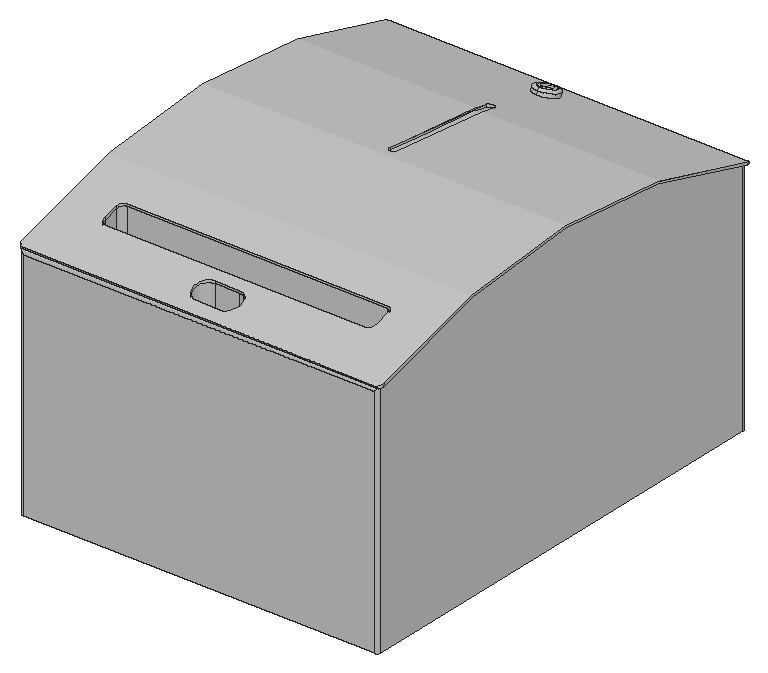
Revit family "PRD_AR_PprTwlDspnsrs_STRATOSElectronicPaperTowelDispenser_STR630", category Specialty Equipment, host Face, Revit 2020
Family settings
  Host = Face
  Round Connector Dimension = Use Diameter
  Part Type = Normal
  OmniClass Number = 23.40.20.21.17
  OmniClass Title = Paper Towel Dispensers, Disposal Units
  Cut with Voids When Loaded = No
  Shared = No
  Room Calculation Point = No
Parameters (values of type "STR630")
  WarrantyStartDate [instance] = "1900-12-31T23:59:59"
  WarrantyGuarantorParts = "n/a"
  WarrantyGuarantorLabor = "n/a"
  WarrantyDurationUnit = "year"
  WarrantyDurationParts = "n/a"
  WarrantyDurationLabor = "n/a"
  WarrantyDescription = "n/a"
  Version = "1"
  Uniclass2015Version = "Products v1.10"
  Uniclass2015Title = "Paper towel dispensers"
  Uniclass2015Code = "Pr_40_70_22_62"
  URL = "www.kwc-professional.com"
  TypeOfOperation = "Sensor operation"
  TypeOfMounting = "Wall mounting"
  TypeOfFixing = "Screw"
  TypeOfConsumable = "Paper roll"
  TypeOfBatteries = "D Mono battery 1.5 V"
  TagNumber [instance] = "n/a"
  SustainabilityPerformance = "n/a"
  Style = "dispenser"
  Size = "300 x 383 x 234 mm"
  Shape = "n/a"
  SerialNumber [instance] = "n/a"
  Revision = "n/a"
  ReplacementCost = "n/a"
  ProductInformation = "http://pim.kwc.com/product/3600008885/attachment/datasheet?locale=en"
  NumberOfBatteries = "4"
  NominalWidth = 300 mm
  NominalHeight = 383 mm
  NominalDepth = 234 mm
  NetWeight = 6.85 kg
  Name = "STRATOS Electronic Paper Towel Dispenser STR630"
  NBSTypeID = "n/a"
  NBSReference = "45-35-72/344"
  NBSOfficeMasterTag = "n/a"
  NBSNote = "n/a"
  NBSDescription = "Paper towel dispensers"
  NBSCertification = "n/a"
  ModelReference = "STR630"
  ModelNumber = "3600008885"
  Model = ModelReference  # "STR630"
  MaximumDepthOfConsumable = "205.00 mm"
  MaximumDepthDiameterOfConsumable = "220.00 mm"
  MaterialThickness = "1.50 mm"
  MaterialCode = "1.4301"
  Material = "stainless steel"
  ManufacturerURL = "www.kwc-professional.com"
  ManufacturerName = "KWC Group Management AG"  # constant formula
  Manufacturer = ManufacturerName  # "KWC Group Management AG"
  MainColor = "stainless steel"
  Lock = "Key-lock"
  IsBuiltIn = "TRUE"
  IntegralAccessories = "incl. stainless steel screws and dowels"
  InstallationDate [instance] = "1900-12-31T23:59:59"
  IfcExportType = "USERDEFINIED"
  IfcExportAs = "IfcFurnitureType"
  GrossWeight = 7.85 kg
  Grade = "n/a"
  Finish = "satin finished"
  FillingQuantityUom = "Rolls"
  FillingQuantity = "1"
  Features = "stainless steel, surface satin finished"
  ExpectedLife = "n/a"
  DurationUnit = "year"
  DispenserMaterial = PRD_AR_StainlessSteel_SatinFinished
  Description = "STRATOS electronic paper towel dispenser for wall mounting, stainless steel, surface satin finished, material thickness 1.5 mm, curved front with inspection window, cylinder lock with key, non-contact paper dispensing via infrared sensor, integrated tear-off edge, including four 1.5 V (=6 V) batteries type D, easy paper roll change, suitable for rolls with a width of 190-205 mm and a core of 35 mm, maximum diameter approx. 200 mm, paper length adjustable in three lengths to 200, 250 and 300 mm, including mounting material."
  Default Elevation = 850 mm
  CreatedOn = "09/2024"  # constant formula
  Constituents = "n/a"
  Color = "n/a"
  CodePerformance = "n/a"
  Category = "Pr_40_70_22_62, Paper Towel Dispensers"
  BarCode [instance] = "n/a"
  BIMObjectName = "PRD_AR_PaperTowelDispensers_STRATOSElectronicPaperTowelDispenser_STR630"
  Author = "Archispace"  # constant formula
  AssetType = "Fixed"
  AssetIdentifier [instance] = "n/a"
  AccessibilityPerformance = "n/a"
Reference planes
  plane 1 "Center (Front/Back)": y = 0
  plane 2: z = 0
  plane 3 "Center (Left/Right)": x = 0
  plane 4: z = 230
  plane 5: through (0, -17.333, 217.879) normal (0, -0.0274, 0.9996)
Dimensions and locks
  plane 4 to host face = 230 mm
  aligned and locked: plane 2 to host face
  aligned and locked: level to host face
Nested families
  nested 1: "STR630" at (0, 0, 0), type "STR630"
Definition of nested family "STR630"
  Parameters (values of type "FRK209012")
    Material = none
    Default Elevation = 1219.2 mm
  Reference planes
    plane 1 "Center (Front/Back)": y = 0
    plane 2: z = 0
    plane 3 "Center (Left/Right)": x = 0
  Forms (mm)
    Extrusion 1, solid
      sketch origin (0, 0, 0) x (1, 0, 0) y (0, 1, 0)
        loop
          line (-250, 320) -> (-250, -454.334) -> (229.163, -454.334) -> (229.163, 320) -> (-250, 320)
      from 0 to -60
    Extrusion 2, solid, material <- "Material", detail levels fine
      sketch origin (0, 0, 0) x (0, 1, 0) y (0, 0, 1)
        loop
          line (-190, 0) -> (190, 0) -> (190, 196.896)
          arc (190, 196.896) -> (1.723, 232.516) -> (-186.781, 198.117) r 524.384
          arc (-186.781, 198.117) -> (-189.117, 196.282) -> (-190, 193.445) r 5
          line (-190, 193.445) -> (-190, 0)
      from -148 to 148
    Extrusion 3, solid, material <- "Material", detail levels fine
      sketch origin (0, 0, 0) x (0, 1, 0) y (0, 0, 1)
        loop
          line (192.454, 195.935) -> (192.991, 197.336)
          arc (192.991, 197.336) -> (1.448, 234.017) -> (-190.29, 198.374) r 525.884
          line (-190.29, 198.374) -> (-189.762, 196.97)
          arc (-189.762, 196.97) -> (1.444, 232.517) -> (192.454, 195.935) r 524.384
      from -150.002 to 149.998
    Revolve 4, solid, material <- "Material", detail levels fine
      sketch origin (0, 0, 0) x (0, 1, 0) y (0, 0, 1)
        loop
          line (168.507, 206.309) -> (177.964, 203.136) -> (178.807, 205.648)
          arc (178.807, 205.648) -> (178.701, 207.176) -> (177.547, 208.181) r 2
          line (177.547, 208.181) -> (175.879, 208.74)
          arc (175.879, 208.74) -> (175.649, 209.204) -> (175.217, 209.49) r 1
          line (175.217, 209.49) -> (170.145, 211.192) -> (168.507, 206.309)
        axis (168.507, 206.309) -> (170.145, 211.192)
      angle from 0 to 360
    Revolve 5, solid, material <- "Material", detail levels medium
      sketch origin (0, 0, 0) x (0, 1, 0) y (0, 0, 1)
        loop
          line (168.507, 206.309) -> (177.964, 203.136) -> (179.602, 208.019) -> (170.145, 211.192) -> (168.507, 206.309)
        axis (168.507, 206.309) -> (170.145, 211.192)
      angle from 0 to 360
    Extrusion 6, void
      sketch origin (0, 0, 0) x (1, 0, 0) y (0, 1, 0)
        loop
          line (145.191, -190.667) -> (145.191, -192.353) -> (153.077, -192.353) -> (153.077, -185.667) -> (150.191, -185.667)
          arc (150.191, -185.667) -> (148.727, -189.203) -> (145.191, -190.667) r 5
        loop
          arc (-145.002, -190.509) -> (-148.679, -188.986) -> (-150.202, -185.309) r 5.2
          line (-150.202, -185.309) -> (-152.902, -185.309) -> (-152.902, -192.652) -> (-145.002, -192.652) -> (-145.002, -190.509)
        loop
          arc (-150.202, 187.991) -> (-148.679, 191.667) -> (-145.002, 193.191) r 5.2
          line (-145.002, 193.191) -> (-145.002, 195.316) -> (-152.058, 195.316) -> (-152.058, 187.991) -> (-150.202, 187.991)
        loop
          arc (145.002, 193.191) -> (148.679, 191.667) -> (150.202, 187.991) r 5.2
          line (150.202, 187.991) -> (151.985, 187.991) -> (151.985, 194.907) -> (145.002, 194.907) -> (145.002, 193.191)
      from 179.088 to 209.26
    Extrusion 7, void
      sketch origin (0, 0, 0) x (1, 0, 0) y (0, 1, 0)
        loop
          line (-3.502, 110.281) -> (-3.502, 11.266)
          arc (-3.502, 11.266) -> (-0.002, 7.766) -> (3.498, 11.266) r 3.5
          line (3.498, 11.266) -> (3.498, 110.281)
          arc (3.498, 110.281) -> (-0.002, 113.781) -> (-3.502, 110.281) r 3.5
      from 204.98 to 250
    Extrusion 8, void
      sketch origin (0, 0, 0) x (1, 0, 0) y (0, 1, 0)
        loop
          line (-107.502, -152.359) -> (107.498, -152.359)
          arc (107.498, -152.359) -> (111.034, -150.894) -> (112.498, -147.359) r 5
          line (112.498, -147.359) -> (112.498, -135.178)
          arc (112.498, -135.178) -> (111.034, -131.643) -> (107.498, -130.178) r 5
          line (107.498, -130.178) -> (-107.502, -130.178)
          arc (-107.502, -130.178) -> (-111.037, -131.643) -> (-112.502, -135.178) r 5
          line (-112.502, -135.178) -> (-112.502, -147.359)
          arc (-112.502, -147.359) -> (-111.037, -150.894) -> (-107.502, -152.359) r 5
        loop
          arc (-10.002, -161.353) -> (-19.493, -170.844) -> (-10.002, -180.336) r 9.491
          line (-10.002, -180.336) -> (9.998, -180.336)
          arc (9.998, -180.336) -> (19.49, -170.844) -> (9.998, -161.353) r 9.491
          line (9.998, -161.353) -> (-10.002, -161.353)
      from 186.654 to 250
    Extrusion 9, void
      sketch origin (0, 0, 0) x (1, 0, 0) y (0, 1, 0)
        loop
          line (-148, 190) -> (-148, 187)
          arc (-148, 187) -> (-147.121, 189.121) -> (-145, 190) r 3
          line (-145, 190) -> (-148, 190)
        loop
          line (148, 190) -> (145, 190)
          arc (145, 190) -> (147.121, 189.121) -> (148, 187) r 3
          line (148, 187) -> (148, 190)
        loop
          line (-148, -190) -> (-145, -190)
          arc (-145, -190) -> (-147.121, -189.121) -> (-148, -187) r 3
          line (-148, -187) -> (-148, -190)
        loop
          line (148, -190) -> (148, -187)
          arc (148, -187) -> (147.121, -189.121) -> (145, -190) r 3
          line (145, -190) -> (148, -190)
      from -17.408 to 250
    Extrusion 10, solid, material <- "Material", detail levels medium
      sketch origin (0, 0, 0) x (0, 1, 0) y (0, 0, 1)
        loop
          line (-190, 0) -> (190, 0) -> (190, 196.896)
          arc (190, 196.896) -> (1.723, 232.516) -> (-186.781, 198.117) r 524.384
          arc (-186.781, 198.117) -> (-189.117, 196.282) -> (-190, 193.445) r 5
          line (-190, 193.445) -> (-190, 0)
      from -148 to 148
    Extrusion 11, solid, material <- "Material", detail levels medium
      sketch origin (0, 0, 0) x (0, 1, 0) y (0, 0, 1)
        loop
          line (192.454, 195.935) -> (192.991, 197.336)
          arc (192.991, 197.336) -> (1.448, 234.017) -> (-190.29, 198.374) r 525.884
          line (-190.29, 198.374) -> (-189.762, 196.97)
          arc (-189.762, 196.97) -> (1.444, 232.517) -> (192.454, 195.935) r 524.384
      from -150.002 to 149.998
    Extrusion 12, solid, material <- "Material", detail levels coarse
      sketch origin (0, 0, 0) x (0, 1, 0) y (0, 0, 1)
        loop
          line (190, 0) -> (190, 234.019) -> (-190, 234.019) -> (-190, 0) -> (190, 0)
      from -150.002 to 149.998
  Cuts and joins
    Extrusion 6, Extrusion 7, Extrusion 8 cuts Extrusion 3
    Extrusion 8, Extrusion 9 cuts Extrusion 2
  Dimensions and locks
    aligned and locked: plane 2 to Extrusion 1
    aligned and locked: level to Extrusion 1
